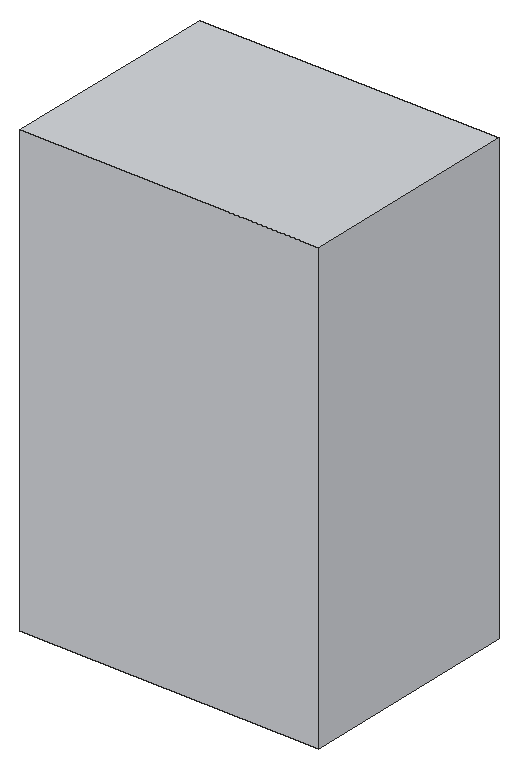
Revit family "Codex_Disposable_Box_19962159-a6ee-4ab6-8e82-37497d992fc6", category Casework, Revit 2025
Family settings
  OmniClass Number = 23.40.35.00
  OmniClass Title = Casework
  Work Plane-Based = No
  Always vertical = Yes
  Cut with Voids When Loaded = No
  Shared = No
  Room Calculation Point = No
Parameters (values of type "Codex_Disposable_Box")
  Depth = 2' - 0"
  Height = 3' - 0"
  Width = 4' - 0"
  Default Elevation = 0' - 0"
  Codex_Test_Height = 3' - 0"
Reference planes (in)
  plane 1 "Back": y = 0
  plane 2: z = 0
  plane 3 "Center (Left/Right)": x = 0.7377
  plane 4 "Left": x = -23.2623
  plane 5 "Right": x = 24.7377
  plane 6 "Front": y = -24
  plane 7 "Top": z = 36
Forms (in)
  Extrusion 1, solid
    sketch origin (0, 0, 0) x (1, 0, 0) y (0, 1, 0)
      loop
        line (0, 0) -> (24, 0) -> (24, 18) -> (0, 18) -> (0, 0)
    from 0 to 36 <- "Codex_Test_Height"
Dimensions and locks (in)
  "Depth": plane 6 "Front" to plane 1 "Back"
  "Width": plane 4 "Left" to plane 5 "Right"
  equal spacing: plane 4 "Left", plane 3 "Center (Left/Right)", plane 5 "Right"
  "Height": level to plane 7 "Top"
  aligned and locked: plane 2 to level
Automatic sketch dimensions
  plane 1 "Back" to Extrusion 1 sketch curve = 0' - 0"
  Extrusion 1 sketch curve to plane 3 "Center (Left/Right)" = 0' - 0.7377"
  plane 5 "Right" to Extrusion 1 sketch curve = 0' - 0.7377"
  Extrusion 1 sketch curve to plane 1 "Back" = 1' - 6"
